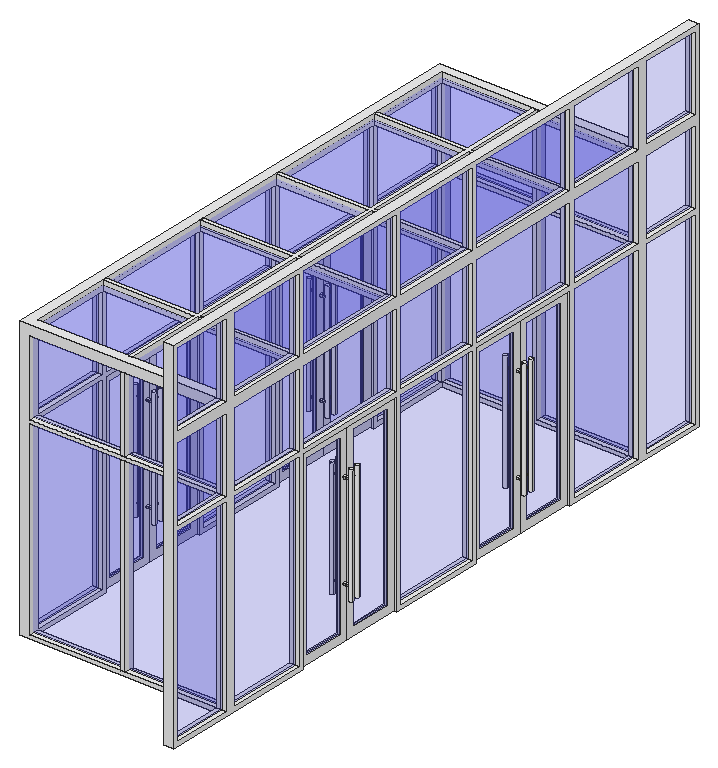
Revit family
Parameters (values of type "방풍실-1")
  핸들 = 상자 핸들
  프레임 = ""
  3프레임 = 상자 프레임
  모서리 = 상자 모서리
  철물 = ""
  Assembly Code = ""
  유리/마감 = ""
  유리 = 상자 유리
  위치/개소 = ""
  부호 = "1/AD"
  문번호 = "1"
  문기호 = "AD"
Reference planes
  plane 1 "중심(앞/뒤)": y = -200
  plane 2: z = 0
  plane 3 "중심(왼쪽/오른쪽)": x = 96.47
  plane 4: x = -1506.53
  plane 5: z = 5500
  plane 6: x = -1506.53
  plane 7: x = -1300.224
  plane 8: y = 3800
  plane 9: y = -4200.179
  plane 10: z = 60
  plane 11: z = 2940
  plane 12: z = 3000
  plane 13: z = 4145
  plane 14: z = 4295
  plane 15: z = 5440
  plane 16: z = 2020
  plane 17: z = 1960
  plane 18: y = 3650
  plane 19: x = -1403.377
  plane 20: x = -1328.377
  plane 21: x = -1478.377
  plane 22: x = -1390.877
  plane 23: x = -1415.877
  plane 24: y = -4052.948
  plane 25: y = 2350
  plane 26: y = 550
  plane 27: y = -2750
  plane 28: y = -950
  plane 29: x = 1699.47
  plane 30: x = 126.47
  plane 31: x = 66.47
  plane 32: y = 3725
  plane 33: y = 3737.5
  plane 34: y = 3712.5
  plane 35: z = 980
  plane 36: z = 1040
  plane 37: y = 4800
  plane 38: y = -5200
  plane 39: x = 1596.317
  plane 40: x = 1671.317
  plane 41: x = 1521.317
  plane 42: x = 1608.817
  plane 43: x = 1583.817
  plane 44: y = 4740
  plane 45: y = -4138.974
  plane 46: y = -4113.974
  plane 47: y = -4126.474
  plane 48: y = -4137.795
  plane 49: z = 5470
  plane 50: z = 4220
  plane 51: z = 2970
  plane 52: y = -892.421
  plane 53: z = 5800
  plane 54: y = 5100
  plane 55: y = -5500
  plane 56: z = -300
Forms (mm)
  Extrusion 1, solid, material "상자 프레임" <- "3프레임"
    sketch origin (0, -15, 0) x (1, 0, 0) y (0, 1, 0)
      loop
        line (-1478.377, 3665) -> (-1328.377, 3665) -> (-1328.377, 3815.295) -> (-1478.377, 3815.295) -> (-1478.377, 3665)
      loop
        line (-1478.377, 507.421) -> (-1328.377, 507.421) -> (-1328.377, 565) -> (-1478.377, 565) -> (-1478.377, 507.421)
      loop
        line (-1478.377, 2365) -> (-1328.377, 2365) -> (-1328.377, 2425) -> (-1478.377, 2425) -> (-1478.377, 2365)
    from 0 to 4145
  Extrusion 2, solid, material "상자 프레임" <- "3프레임"
    sketch origin (0, 0, 0) x (1, 0, 0) y (0, 1, 0)
      loop
        line (-1478.377, 3800.295) -> (-1478.377, 2350) -> (-1328.377, 2350) -> (-1328.377, 3800.295) -> (-1478.377, 3800.295)
      loop
        line (-1478.377, -892.421) -> (-1328.377, -892.421) -> (-1328.377, 550) -> (-1478.377, 550) -> (-1478.377, -892.421)
    from 0 to 60
  Extrusion 3, solid, material "상자 프레임" <- "3프레임"
    sketch origin (0, 0, 0) x (1, 0, 0) y (0, 1, 0)
      loop
        line (-1478.377, 3800) -> (-1478.377, -4052.948) -> (-1328.377, -4052.948) -> (-1328.377, 3800) -> (-1478.377, 3800)
    from 2940 to 3000
  Extrusion 4, solid, material "상자 프레임" <- "3프레임"
    sketch origin (0, 0, 0) x (1, 0, 0) y (0, 1, 0)
      loop
        line (-1478.377, 3800) -> (-1478.377, -4052.948) -> (-1328.377, -4052.948) -> (-1328.377, 3800) -> (-1478.377, 3800)
    from 4144.993 to 4295
  Extrusion 5, solid, material "상자 유리" <- "유리"
    sketch origin (0, 0, 0) x (1, 0, 0) y (0, 1, 0)
      loop
        line (-1415.877, 2410) -> (-1390.877, 2410) -> (-1390.877, 3650) -> (-1415.877, 3650) -> (-1415.877, 2410)
      loop
        line (-1415.877, -892.421) -> (-1390.877, -892.421) -> (-1390.877, 492.421) -> (-1415.877, 492.421) -> (-1415.877, -892.421)
    from 60 to 2940
  Extrusion 6, solid, material "상자 유리" <- "유리"
    sketch origin (0, -920, 0) x (1, 0, 0) y (0, 1, 0)
      loop
        line (-1415.877, 1470) -> (-1390.877, 1470) -> (-1390.877, 2370.145) -> (-1415.877, 2370.145) -> (-1415.877, 1470)
    from 0 to 2940
  Extrusion 7, solid, material "상자 유리" <- "유리"
    sketch origin (0, -49.855, 0) x (1, 0, 0) y (0, 1, 0)
      loop
        line (-1415.877, 1500) -> (-1390.877, 1500) -> (-1390.877, 2400.145) -> (-1415.877, 2400.145) -> (-1415.877, 1500)
    from 0 to 2940
  Extrusion 8, solid, material "상자 유리" <- "유리"
    sketch origin (0, 0, 0) x (1, 0, 0) y (0, 1, 0)
      loop
        line (-1415.877, 2410) -> (-1390.877, 2410) -> (-1390.877, 3650) -> (-1415.877, 3650) -> (-1415.877, 2410)
      loop
        line (-1415.877, 550) -> (-1390.877, 550) -> (-1390.877, 2350) -> (-1415.877, 2350) -> (-1415.877, 550)
      loop
        line (-1415.877, -892.421) -> (-1390.877, -892.421) -> (-1390.877, 492.421) -> (-1415.877, 492.421) -> (-1415.877, -892.421)
    from 3000 to 4145
  Extrusion 9, solid, material "상자 핸들" <- "핸들"
    sketch origin (-1328.377, 3825.814, 34.492) x (0, -1, 0) y (0, 0, -1)
      loop
        circle (2310.69, -760.508) r 15
    from -47.5 to 0
  Extrusion 10, solid, material "상자 핸들" <- "핸들"
    sketch origin (-1328.377, 3825.814, 1474.492) x (0, -1, 0) y (0, 0, -1)
      loop
        circle (2310.69, -760.508) r 15
    from -47.5 to 0
  Extrusion 11, solid, material "상자 핸들" <- "핸들"
    sketch origin (-1328.377, 3704.125, 34.492) x (0, -1, 0) y (0, 0, -1)
      loop
        circle (2310.69, -760.508) r 15
    from -47.5 to 0
  Extrusion 12, solid, material "상자 핸들" <- "핸들"
    sketch origin (-1328.377, 3704.125, 1474.492) x (0, -1, 0) y (0, 0, -1)
      loop
        circle (2310.69, -760.508) r 15
    from -47.5 to 0
  Sweep 13, solid, material "상자 모서리" <- "모서리"
    path origin (-1390.877, 1455, 0) x (0, 1, 0) y (0, 0, 1)
      loop
        line (-905, 0) -> (-4.855, 0) -> (-4.855, 2940) -> (-905, 2940) -> (-905, 0)
    profile origin (-1390.877, 550, 1470) x (0, -1, 0) y (1, 0, 0)
      loop
        line (0, 0) -> (0, 15) -> (-120, 15) -> (-120, 0) -> (0, 0)
  Sweep 14, solid, material "상자 모서리" <- "모서리"
    path origin (-1430.877, 550, 0) x (0, 1, 0) y (0, 0, 1)
      loop
        line (0, 0) -> (900.145, 0) -> (900.145, 2940) -> (0, 2940) -> (0, 0)
    profile origin (-1430.877, 550, 1470) x (0, -1, 0) y (1, 0, 0)
      loop
        line (0, 0) -> (0, 15) -> (-120, 15) -> (-120, 0) -> (0, 0)
  Sweep 15, solid, material "상자 모서리" <- "모서리"
    path origin (-1430.877, 1450.145, 0) x (0, 1, 0) y (0, 0, 1)
      loop
        line (0, 0) -> (900.145, 0) -> (900.145, 2940) -> (0, 2940) -> (0, 0)
    profile origin (-1430.877, 1450.145, 1470) x (0, -1, 0) y (1, 0, 0)
      loop
        line (0, 0) -> (0, 15) -> (-120, 15) -> (-120, 0) -> (0, 0)
  Sweep 16, solid, material "상자 모서리" <- "모서리"
    path origin (-1390.877, 1450.145, 0) x (0, 1, 0) y (0, 0, 1)
      loop
        line (0, 0) -> (900.145, 0) -> (900.145, 2940) -> (0, 2940) -> (0, 0)
    profile origin (-1390.877, 1450.145, 1470) x (0, -1, 0) y (1, 0, 0)
      loop
        line (0, 0) -> (0, 15) -> (-120, 15) -> (-120, 0) -> (0, 0)
  Blend 17, solid, material "상자 핸들" <- "핸들"
    base sketch origin (-1328.377, 3854.125, 0) x (0, -1, 0) y (0, 0, -1)
      loop
        circle (2339, -2235) r 15
    top sketch origin (-1328.377, 3854.125, 0) x (0, -1, 0) y (0, 0, -1)
      loop
        circle (2339, -2235) r 10
    from 0 to 40
  Blend 18, solid, material "상자 핸들" <- "핸들"
    base sketch origin (-1328.377, 3732.435, 0) x (0, -1, 0) y (0, 0, -1)
      loop
        circle (2339, -2235) r 15
    top sketch origin (-1328.377, 3732.435, 0) x (0, -1, 0) y (0, 0, -1)
      loop
        circle (2339, -2235) r 10
    from 0 to 40
  Blend 19, solid, material "상자 핸들" <- "핸들"
    base sketch origin (-1328.377, 3732.435, -1440) x (0, -1, 0) y (0, 0, -1)
      loop
        circle (2339, -2235) r 15
    top sketch origin (-1328.377, 3732.435, -1440) x (0, -1, 0) y (0, 0, -1)
      loop
        circle (2339, -2235) r 10
    from 0 to 40
  Blend 20, solid, material "상자 핸들" <- "핸들"
    base sketch origin (-1328.377, 3854.125, -1440) x (0, -1, 0) y (0, 0, -1)
      loop
        circle (2339, -2235) r 15
    top sketch origin (-1328.377, 3854.125, -1440) x (0, -1, 0) y (0, 0, -1)
      loop
        circle (2339, -2235) r 10
    from 0 to 40
  Extrusion 21, solid, material "상자 핸들" <- "핸들"
    sketch origin (0, 54.125, 0) x (1, 0, 0) y (0, 1, 0)
      loop
        circle (-1260.012, 1461) r 30
    from 600 to 2400
  Extrusion 22, solid, material "상자 핸들" <- "핸들"
    sketch origin (0, -67.51, 0) x (1, 0, 0) y (0, 1, 0)
      loop
        circle (-1260.012, 1461) r 30
    from 600 to 2400
  Extrusion 23, solid, material "상자 핸들" <- "핸들"
    sketch origin (-1478.377, 4825.814, 1474.492) x (0, -1, 0) y (0, 0, 1)
      loop
        circle (3310.69, 780.508) r 15
    from -47.5 to 0
  Extrusion 24, solid, material "상자 핸들" <- "핸들"
    sketch origin (-1478.377, 4704.125, 1474.492) x (0, -1, 0) y (0, 0, 1)
      loop
        circle (3310.69, 780.508) r 15
    from -47.5 to 0
  Blend 25, solid, material "상자 핸들" <- "핸들"
    base sketch origin (-1478.377, 4854.125, 0) x (0, -1, 0) y (0, 0, 1)
      loop
        circle (3339, 2255) r 15
    top sketch origin (-1478.377, 4854.125, 0) x (0, -1, 0) y (0, 0, 1)
      loop
        circle (3339, 2255) r 10
    from 0 to 40
  Blend 26, solid, material "상자 핸들" <- "핸들"
    base sketch origin (-1478.377, 4732.435, 0) x (0, -1, 0) y (0, 0, 1)
      loop
        circle (3339, 2255) r 15
    top sketch origin (-1478.377, 4732.435, 0) x (0, -1, 0) y (0, 0, 1)
      loop
        circle (3339, 2255) r 10
    from 0 to 40
  Extrusion 27, solid, material "상자 핸들" <- "핸들"
    sketch origin (-2806.754, 54.125, 0) x (-1, 0, 0) y (0, -1, 0)
      loop
        circle (-1260.012, -1461) r 30
    from 600 to 2400
  Extrusion 28, solid, material "상자 핸들" <- "핸들"
    sketch origin (-2806.754, -67.51, 0) x (-1, 0, 0) y (0, -1, 0)
      loop
        circle (-1260.012, -1461) r 30
    from 600 to 2400
  Extrusion 29, solid, material "상자 핸들" <- "핸들"
    sketch origin (-1478.377, 4825.814, 34.492) x (0, -1, 0) y (0, 0, 1)
      loop
        circle (3310.69, 760.508) r 15
    from -47.5 to 0
  Extrusion 30, solid, material "상자 핸들" <- "핸들"
    sketch origin (-1478.377, 4704.125, 34.492) x (0, -1, 0) y (0, 0, 1)
      loop
        circle (3310.69, 760.508) r 15
    from -47.5 to 0
  Blend 31, solid, material "상자 핸들" <- "핸들"
    base sketch origin (-1478.377, 4732.435, -1440) x (0, -1, 0) y (0, 0, 1)
      loop
        circle (3339, 2235) r 15
    top sketch origin (-1478.377, 4732.435, -1440) x (0, -1, 0) y (0, 0, 1)
      loop
        circle (3339, 2235) r 10
    from 0 to 40
  Blend 32, solid, material "상자 핸들" <- "핸들"
    base sketch origin (-1478.377, 4854.125, -1440) x (0, -1, 0) y (0, 0, 1)
      loop
        circle (3339, 2235) r 15
    top sketch origin (-1478.377, 4854.125, -1440) x (0, -1, 0) y (0, 0, 1)
      loop
        circle (3339, 2235) r 10
    from 0 to 40
  Extrusion 33, solid, material "상자 프레임" <- "3프레임"
    sketch origin (0, 15, 0) x (1, 0, 0) y (0, 1, 0)
      loop
        line (-1478.377, -4067.948) -> (-1478.377, -4215.474) -> (-1328.377, -4215.474) -> (-1328.377, -4067.948) -> (-1478.377, -4067.948)
      loop
        line (-1478.377, -2765) -> (-1478.377, -2825) -> (-1328.377, -2825) -> (-1328.377, -2765) -> (-1478.377, -2765)
      loop
        line (-1478.377, -907.421) -> (-1478.377, -965) -> (-1328.377, -965) -> (-1328.377, -907.421) -> (-1478.377, -907.421)
    from 0 to 4295
  Extrusion 34, solid, material "상자 프레임" <- "3프레임"
    sketch origin (0, 0, 0) x (1, 0, 0) y (0, 1, 0)
      loop
        line (-1478.377, -4200.474) -> (-1328.377, -4200.474) -> (-1328.377, -2810) -> (-1478.377, -2810) -> (-1478.377, -4200.474)
    from 0 to 60
  Extrusion 35, solid, material "상자 유리" <- "유리"
    sketch origin (0, 0, 0) x (1, 0, 0) y (0, 1, 0)
      loop
        line (-1415.877, -2810) -> (-1415.877, -4052.948) -> (-1390.877, -4052.948) -> (-1390.877, -2810) -> (-1415.877, -2810)
    from 60 to 2940
  Extrusion 36, solid, material "상자 유리" <- "유리"
    sketch origin (0, 520.295, 0) x (1, 0, 0) y (0, 1, 0)
      loop
        line (-1415.877, -1470) -> (-1415.877, -2370.145) -> (-1390.877, -2370.145) -> (-1390.877, -1470) -> (-1415.877, -1470)
    from 0 to 2940
  Extrusion 37, solid, material "상자 유리" <- "유리"
    sketch origin (0, -349.85, 0) x (1, 0, 0) y (0, 1, 0)
      loop
        line (-1415.877, -1500) -> (-1415.877, -2400.145) -> (-1390.877, -2400.145) -> (-1390.877, -1500) -> (-1415.877, -1500)
    from 0 to 2940
  Extrusion 38, solid, material "상자 유리" <- "유리"
    sketch origin (0, 0, 0) x (1, 0, 0) y (0, 1, 0)
      loop
        line (-1415.877, -2810) -> (-1415.877, -4052.948) -> (-1390.877, -4052.948) -> (-1390.877, -2810) -> (-1415.877, -2810)
      loop
        line (-1415.877, -949.705) -> (-1415.877, -2749.995) -> (-1390.877, -2749.995) -> (-1390.877, -949.705) -> (-1415.877, -949.705)
    from 3000 to 4145
  Extrusion 39, solid, material "상자 핸들" <- "핸들"
    sketch origin (-1328.377, -5221.69, -34.492) x (0, 1, 0) y (0, 0, 1)
      loop
        circle (3310.69, 829.492) r 15
    from -47.5 to 0
  Extrusion 40, solid, material "상자 핸들" <- "핸들"
    sketch origin (-1328.377, -5221.69, -1474.492) x (0, 1, 0) y (0, 0, 1)
      loop
        circle (3310.69, 3729.492) r 15
    from -47.5 to 0
  Extrusion 41, solid, material "상자 핸들" <- "핸들"
    sketch origin (-1328.377, -5100, -34.492) x (0, 1, 0) y (0, 0, 1)
      loop
        circle (3310.69, 829.492) r 15
    from -47.5 to 0
  Extrusion 42, solid, material "상자 핸들" <- "핸들"
    sketch origin (-1328.377, -5100, -1474.492) x (0, 1, 0) y (0, 0, 1)
      loop
        circle (3310.69, 3729.492) r 15
    from -47.5 to 0
  Sweep 43, solid, material "상자 모서리" <- "모서리"
    path origin (-1390.877, -399.41, 0) x (0, -1, 0) y (0, 0, -1)
      loop
        line (550.295, 0) -> (550.295, -2940) -> (1450.44, -2940) -> (1450.44, 0) -> (550.295, 0)
    profile origin (-1390.877, -949.705, 1470) x (0, -1, 0) y (1, 0, 0)
      loop
        line (0, 0) -> (120, 0) -> (120, 15) -> (0, 15) -> (0, 0)
  Sweep 44, solid, material "상자 모서리" <- "모서리"
    path origin (-1430.877, -949.705, 0) x (0, -1, 0) y (0, 0, -1)
      loop
        line (0, 0) -> (0, -2940) -> (900.145, -2940) -> (900.145, 0) -> (0, 0)
    profile origin (-1430.877, -949.705, 1470) x (0, -1, 0) y (1, 0, 0)
      loop
        line (0, 0) -> (120, 0) -> (120, 15) -> (0, 15) -> (0, 0)
  Sweep 45, solid, material "상자 모서리" <- "모서리"
    path origin (-1430.877, -1849.85, 0) x (0, -1, 0) y (0, 0, -1)
      loop
        line (0, 0) -> (0, -2940) -> (900.145, -2940) -> (900.145, 0) -> (0, 0)
    profile origin (-1430.877, -1849.85, 1470) x (0, -1, 0) y (1, 0, 0)
      loop
        line (0, 0) -> (120, 0) -> (120, 15) -> (0, 15) -> (0, 0)
  Sweep 46, solid, material "상자 모서리" <- "모서리"
    path origin (-1390.877, -1849.85, 0) x (0, -1, 0) y (0, 0, -1)
      loop
        line (0, 0) -> (0, -2940) -> (900.145, -2940) -> (900.145, 0) -> (0, 0)
    profile origin (-1390.877, -1849.85, 1470) x (0, -1, 0) y (1, 0, 0)
      loop
        line (0, 0) -> (120, 0) -> (120, 15) -> (0, 15) -> (0, 0)
  Blend 47, solid, material "상자 핸들" <- "핸들"
    base sketch origin (-1328.377, -5250, 0) x (0, 1, 0) y (0, 0, 1)
      loop
        circle (3339, 2255) r 15
    top sketch origin (-1328.377, -5250, 0) x (0, 1, 0) y (0, 0, 1)
      loop
        circle (3339, 2255) r 10
    from 0 to 40
  Blend 48, solid, material "상자 핸들" <- "핸들"
    base sketch origin (-1328.377, -5128.31, 0) x (0, 1, 0) y (0, 0, 1)
      loop
        circle (3339, 2255) r 15
    top sketch origin (-1328.377, -5128.31, 0) x (0, 1, 0) y (0, 0, 1)
      loop
        circle (3339, 2255) r 10
    from 0 to 40
  Blend 49, solid, material "상자 핸들" <- "핸들"
    base sketch origin (-1328.377, -5128.31, 1440) x (0, 1, 0) y (0, 0, 1)
      loop
        circle (3339, -645) r 15
    top sketch origin (-1328.377, -5128.31, 1440) x (0, 1, 0) y (0, 0, 1)
      loop
        circle (3339, -645) r 10
    from 0 to 40
  Blend 50, solid, material "상자 핸들" <- "핸들"
    base sketch origin (-1328.377, -5250, 1440) x (0, 1, 0) y (0, 0, 1)
      loop
        circle (3339, -645) r 15
    top sketch origin (-1328.377, -5250, 1440) x (0, 1, 0) y (0, 0, 1)
      loop
        circle (3339, -645) r 10
    from 0 to 40
  Extrusion 51, solid, material "상자 핸들" <- "핸들"
    sketch origin (0, -50, 0) x (1, 0, 0) y (0, 1, 0)
      loop
        circle (-1260.012, -1861) r 30
    from 600 to 2400
  Extrusion 52, solid, material "상자 핸들" <- "핸들"
    sketch origin (0, 71.634, 0) x (1, 0, 0) y (0, 1, 0)
      loop
        circle (-1260.012, -1861) r 30
    from 600 to 2400
  Extrusion 53, solid, material "상자 핸들" <- "핸들"
    sketch origin (-1478.377, -4821.69, 1474.492) x (0, 1, 0) y (0, 0, -1)
      loop
        circle (2910.69, -780.508) r 15
    from -47.5 to 0
  Extrusion 54, solid, material "상자 핸들" <- "핸들"
    sketch origin (-1478.377, -4700, 1474.492) x (0, 1, 0) y (0, 0, -1)
      loop
        circle (2910.69, -780.508) r 15
    from -47.5 to 0
  Blend 55, solid, material "상자 핸들" <- "핸들"
    base sketch origin (-1478.377, -4850, 0) x (0, 1, 0) y (0, 0, -1)
      loop
        circle (2939, -2255) r 15
    top sketch origin (-1478.377, -4850, 0) x (0, 1, 0) y (0, 0, -1)
      loop
        circle (2939, -2255) r 10
    from 0 to 40
  Blend 56, solid, material "상자 핸들" <- "핸들"
    base sketch origin (-1478.377, -4728.31, 0) x (0, 1, 0) y (0, 0, -1)
      loop
        circle (2939, -2255) r 15
    top sketch origin (-1478.377, -4728.31, 0) x (0, 1, 0) y (0, 0, -1)
      loop
        circle (2939, -2255) r 10
    from 0 to 40
  Extrusion 57, solid, material "상자 핸들" <- "핸들"
    sketch origin (-2806.754, -50, 0) x (-1, 0, 0) y (0, -1, 0)
      loop
        circle (-1260.012, 1861) r 30
    from 600 to 2400
  Extrusion 58, solid, material "상자 핸들" <- "핸들"
    sketch origin (-2806.754, 71.634, 0) x (-1, 0, 0) y (0, -1, 0)
      loop
        circle (-1260.012, 1861) r 30
    from 600 to 2400
  Extrusion 59, solid, material "상자 핸들" <- "핸들"
    sketch origin (-1478.377, -4821.69, 34.492) x (0, 1, 0) y (0, 0, -1)
      loop
        circle (2910.69, -760.508) r 15
    from -47.5 to 0
  Extrusion 60, solid, material "상자 핸들" <- "핸들"
    sketch origin (-1478.377, -4700, 34.492) x (0, 1, 0) y (0, 0, -1)
      loop
        circle (2910.69, -760.508) r 15
    from -47.5 to 0
  Blend 61, solid, material "상자 핸들" <- "핸들"
    base sketch origin (-1478.377, -4728.31, -1440) x (0, 1, 0) y (0, 0, -1)
      loop
        circle (2939, -2235) r 15
    top sketch origin (-1478.377, -4728.31, -1440) x (0, 1, 0) y (0, 0, -1)
      loop
        circle (2939, -2235) r 10
    from 0 to 40
  Blend 62, solid, material "상자 핸들" <- "핸들"
    base sketch origin (-1478.377, -4850, -1440) x (0, 1, 0) y (0, 0, -1)
      loop
        circle (2939, -2235) r 15
    top sketch origin (-1478.377, -4850, -1440) x (0, 1, 0) y (0, 0, -1)
      loop
        circle (2939, -2235) r 10
    from 0 to 40
  Extrusion 63, solid, material "상자 프레임" <- "3프레임"
    sketch origin (192.94, -15, 0) x (-1, 0, 0) y (0, -1, 0)
      loop
        line (-1478.377, -3665) -> (-1478.377, -3815.295) -> (-1328.377, -3815.295) -> (-1328.377, -3665) -> (-1478.377, -3665)
      loop
        line (-1478.377, -507.421) -> (-1478.377, -565) -> (-1328.377, -565) -> (-1328.377, -507.421) -> (-1478.377, -507.421)
      loop
        line (-1478.377, -2365) -> (-1478.377, -2425) -> (-1328.377, -2425) -> (-1328.377, -2365) -> (-1478.377, -2365)
    from 0 to 5440
  Extrusion 64, solid, material "상자 프레임" <- "3프레임"
    sketch origin (192.94, 0, 0) x (-1, 0, 0) y (0, -1, 0)
      loop
        line (-1478.377, -3800.295) -> (-1328.377, -3800.295) -> (-1328.377, -2350) -> (-1478.377, -2350) -> (-1478.377, -3800.295)
      loop
        line (-1478.377, 892.421) -> (-1478.377, -550) -> (-1328.377, -550) -> (-1328.377, 892.421) -> (-1478.377, 892.421)
    from 0 to 60
  Extrusion 65, solid, material "상자 프레임" <- "3프레임"
    sketch origin (192.94, 0, 0) x (-1, 0, 0) y (0, -1, 0)
      loop
        line (-1478.377, -3800) -> (-1328.377, -3800) -> (-1328.377, 4052.948) -> (-1478.377, 4052.948) -> (-1478.377, -3800)
    from 2940 to 3000
  Extrusion 66, solid, material "상자 프레임" <- "3프레임"
    sketch origin (192.94, 0, 0) x (-1, 0, 0) y (0, -1, 0)
      loop
        line (-1478.377, -3800) -> (-1328.377, -3800) -> (-1328.377, 4052.948) -> (-1478.377, 4052.948) -> (-1478.377, -3800)
    from 4145 to 4295
  Extrusion 67, solid, material "상자 프레임" <- "3프레임"
    sketch origin (192.94, 0, 0) x (-1, 0, 0) y (0, -1, 0)
      loop
        line (-1478.377, -3800) -> (-1328.377, -3800) -> (-1328.377, 4052.948) -> (-1478.377, 4052.948) -> (-1478.377, -3800)
    from 5440 to 5500
  Extrusion 68, solid, material "상자 유리" <- "유리"
    sketch origin (192.94, 0, 0) x (-1, 0, 0) y (0, -1, 0)
      loop
        line (-1415.877, -2410) -> (-1415.877, -3650) -> (-1390.877, -3650) -> (-1390.877, -2410) -> (-1415.877, -2410)
      loop
        line (-1415.877, 892.421) -> (-1415.877, -492.421) -> (-1390.877, -492.421) -> (-1390.877, 892.421) -> (-1415.877, 892.421)
    from 60 to 2940
  Extrusion 69, solid, material "상자 유리" <- "유리"
    sketch origin (192.94, -920, 0) x (-1, 0, 0) y (0, -1, 0)
      loop
        line (-1415.877, -1470) -> (-1415.877, -2370.145) -> (-1390.877, -2370.145) -> (-1390.877, -1470) -> (-1415.877, -1470)
    from 0 to 2940
  Extrusion 70, solid, material "상자 유리" <- "유리"
    sketch origin (192.94, -49.855, 0) x (-1, 0, 0) y (0, -1, 0)
      loop
        line (-1415.877, -1500) -> (-1415.877, -2400.145) -> (-1390.877, -2400.145) -> (-1390.877, -1500) -> (-1415.877, -1500)
    from 0 to 2940
  Extrusion 71, solid, material "상자 유리" <- "유리"
    sketch origin (192.94, 0, 0) x (-1, 0, 0) y (0, -1, 0)
      loop
        line (-1415.877, -2410) -> (-1415.877, -3650) -> (-1390.877, -3650) -> (-1390.877, -2410) -> (-1415.877, -2410)
      loop
        line (-1415.877, -550) -> (-1415.877, -2350) -> (-1390.877, -2350) -> (-1390.877, -550) -> (-1415.877, -550)
      loop
        line (-1415.877, 892.421) -> (-1415.877, -492.421) -> (-1390.877, -492.421) -> (-1390.877, 892.421) -> (-1415.877, 892.421)
    from 3000 to 4145
  Extrusion 72, solid, material "상자 유리" <- "유리"
    sketch origin (192.94, 0, 0) x (-1, 0, 0) y (0, -1, 0)
      loop
        line (-1415.877, -2410) -> (-1415.877, -3650) -> (-1390.877, -3650) -> (-1390.877, -2410) -> (-1415.877, -2410)
      loop
        line (-1415.877, -550) -> (-1415.877, -2350) -> (-1390.877, -2350) -> (-1390.877, -550) -> (-1415.877, -550)
      loop
        line (-1415.877, 892.421) -> (-1415.877, -492.421) -> (-1390.877, -492.421) -> (-1390.877, 892.421) -> (-1415.877, 892.421)
    from 4295 to 5440
  Extrusion 73, solid, material "상자 핸들" <- "핸들"
    sketch origin (1521.317, 3825.814, -34.492) x (0, -1, 0) y (0, 0, 1)
      loop
        circle (2310.69, 829.492) r 15
    from -47.5 to 0
  Extrusion 74, solid, material "상자 핸들" <- "핸들"
    sketch origin (1521.317, 3825.814, -1474.492) x (0, -1, 0) y (0, 0, 1)
      loop
        circle (2310.69, 3709.492) r 15
    from -47.5 to 0
  Extrusion 75, solid, material "상자 핸들" <- "핸들"
    sketch origin (1521.317, 3704.125, -34.492) x (0, -1, 0) y (0, 0, 1)
      loop
        circle (2310.69, 829.492) r 15
    from -47.5 to 0
  Extrusion 76, solid, material "상자 핸들" <- "핸들"
    sketch origin (1521.317, 3704.125, -1474.492) x (0, -1, 0) y (0, 0, 1)
      loop
        circle (2310.69, 3709.492) r 15
    from -47.5 to 0
  Sweep 77, solid, material "상자 모서리" <- "모서리"
    path origin (1583.817, 1455, 0) x (0, 1, 0) y (0, 0, -1)
      loop
        line (-905, 0) -> (-905, -2940) -> (-4.855, -2940) -> (-4.855, 0) -> (-905, 0)
    profile origin (1583.817, 550, 1470) x (0, 1, 0) y (-1, 0, 0)
      loop
        line (0, 0) -> (120, 0) -> (120, 15) -> (0, 15) -> (0, 0)
  Sweep 78, solid, material "상자 모서리" <- "모서리"
    path origin (1623.817, 550, 0) x (0, 1, 0) y (0, 0, -1)
      loop
        line (0, 0) -> (0, -2940) -> (900.145, -2940) -> (900.145, 0) -> (0, 0)
    profile origin (1623.817, 550, 1470) x (0, 1, 0) y (-1, 0, 0)
      loop
        line (0, 0) -> (120, 0) -> (120, 15) -> (0, 15) -> (0, 0)
  Sweep 79, solid, material "상자 모서리" <- "모서리"
    path origin (1623.817, 1450.145, 0) x (0, 1, 0) y (0, 0, -1)
      loop
        line (0, 0) -> (0, -2940) -> (900.145, -2940) -> (900.145, 0) -> (0, 0)
    profile origin (1623.817, 1450.145, 1470) x (0, 1, 0) y (-1, 0, 0)
      loop
        line (0, 0) -> (120, 0) -> (120, 15) -> (0, 15) -> (0, 0)
  Sweep 80, solid, material "상자 모서리" <- "모서리"
    path origin (1583.817, 1450.145, 0) x (0, 1, 0) y (0, 0, -1)
      loop
        line (0, 0) -> (0, -2940) -> (900.145, -2940) -> (900.145, 0) -> (0, 0)
    profile origin (1583.817, 1450.145, 1470) x (0, 1, 0) y (-1, 0, 0)
      loop
        line (0, 0) -> (120, 0) -> (120, 15) -> (0, 15) -> (0, 0)
  Blend 81, solid, material "상자 핸들" <- "핸들"
    base sketch origin (1521.317, 3854.125, 0) x (0, -1, 0) y (0, 0, 1)
      loop
        circle (2339, 2235) r 15
    top sketch origin (1521.317, 3854.125, 0) x (0, -1, 0) y (0, 0, 1)
      loop
        circle (2339, 2235) r 10
    from 0 to 40
  Blend 82, solid, material "상자 핸들" <- "핸들"
    base sketch origin (1521.317, 3732.435, 0) x (0, -1, 0) y (0, 0, 1)
      loop
        circle (2339, 2235) r 15
    top sketch origin (1521.317, 3732.435, 0) x (0, -1, 0) y (0, 0, 1)
      loop
        circle (2339, 2235) r 10
    from 0 to 40
  Blend 83, solid, material "상자 핸들" <- "핸들"
    base sketch origin (1521.317, 3732.435, 1440) x (0, -1, 0) y (0, 0, 1)
      loop
        circle (2339, -645) r 15
    top sketch origin (1521.317, 3732.435, 1440) x (0, -1, 0) y (0, 0, 1)
      loop
        circle (2339, -645) r 10
    from 0 to 40
  Blend 84, solid, material "상자 핸들" <- "핸들"
    base sketch origin (1521.317, 3854.125, 1440) x (0, -1, 0) y (0, 0, 1)
      loop
        circle (2339, -645) r 15
    top sketch origin (1521.317, 3854.125, 1440) x (0, -1, 0) y (0, 0, 1)
      loop
        circle (2339, -645) r 10
    from 0 to 40
  Extrusion 85, solid, material "상자 핸들" <- "핸들"
    sketch origin (192.94, 54.125, 0) x (-1, 0, 0) y (0, -1, 0)
      loop
        circle (-1260.012, -1461) r 30
    from 600 to 2400
  Extrusion 86, solid, material "상자 핸들" <- "핸들"
    sketch origin (192.94, -67.51, 0) x (-1, 0, 0) y (0, -1, 0)
      loop
        circle (-1260.012, -1461) r 30
    from 600 to 2400
  Extrusion 87, solid, material "상자 핸들" <- "핸들"
    sketch origin (1671.317, 4825.814, 1474.492) x (0, -1, 0) y (0, 0, -1)
      loop
        circle (3310.69, -780.508) r 15
    from -47.5 to 0
  Extrusion 88, solid, material "상자 핸들" <- "핸들"
    sketch origin (1671.317, 4704.125, 1474.492) x (0, -1, 0) y (0, 0, -1)
      loop
        circle (3310.69, -780.508) r 15
    from -47.5 to 0
  Blend 89, solid, material "상자 핸들" <- "핸들"
    base sketch origin (1671.317, 4854.125, 0) x (0, -1, 0) y (0, 0, -1)
      loop
        circle (3339, -2255) r 15
    top sketch origin (1671.317, 4854.125, 0) x (0, -1, 0) y (0, 0, -1)
      loop
        circle (3339, -2255) r 10
    from 0 to 40
  Blend 90, solid, material "상자 핸들" <- "핸들"
    base sketch origin (1671.317, 4732.435, 0) x (0, -1, 0) y (0, 0, -1)
      loop
        circle (3339, -2255) r 15
    top sketch origin (1671.317, 4732.435, 0) x (0, -1, 0) y (0, 0, -1)
      loop
        circle (3339, -2255) r 10
    from 0 to 40
  Extrusion 91, solid, material "상자 핸들" <- "핸들"
    sketch origin (2999.694, 54.125, 0) x (1, 0, 0) y (0, 1, 0)
      loop
        circle (-1260.012, 1461) r 30
    from 600 to 2400
  Extrusion 92, solid, material "상자 핸들" <- "핸들"
    sketch origin (2999.694, -67.51, 0) x (1, 0, 0) y (0, 1, 0)
      loop
        circle (-1260.012, 1461) r 30
    from 600 to 2400
  Extrusion 93, solid, material "상자 핸들" <- "핸들"
    sketch origin (1671.317, 4825.814, 34.492) x (0, -1, 0) y (0, 0, -1)
      loop
        circle (3310.69, -760.508) r 15
    from -47.5 to 0
  Extrusion 94, solid, material "상자 핸들" <- "핸들"
    sketch origin (1671.317, 4704.125, 34.492) x (0, -1, 0) y (0, 0, -1)
      loop
        circle (3310.69, -760.508) r 15
    from -47.5 to 0
  Blend 95, solid, material "상자 핸들" <- "핸들"
    base sketch origin (1671.317, 4732.435, -1440) x (0, -1, 0) y (0, 0, -1)
      loop
        circle (3339, -2235) r 15
    top sketch origin (1671.317, 4732.435, -1440) x (0, -1, 0) y (0, 0, -1)
      loop
        circle (3339, -2235) r 10
    from 0 to 40
  Blend 96, solid, material "상자 핸들" <- "핸들"
    base sketch origin (1671.317, 4854.125, -1440) x (0, -1, 0) y (0, 0, -1)
      loop
        circle (3339, -2235) r 15
    top sketch origin (1671.317, 4854.125, -1440) x (0, -1, 0) y (0, 0, -1)
      loop
        circle (3339, -2235) r 10
    from 0 to 40
  Extrusion 97, solid, material "상자 프레임" <- "3프레임"
    sketch origin (192.94, 15, 0) x (-1, 0, 0) y (0, -1, 0)
      loop
        line (-1478.377, 4067.948) -> (-1328.377, 4067.948) -> (-1328.377, 4215.474) -> (-1478.377, 4215.474) -> (-1478.377, 4067.948)
      loop
        line (-1478.377, 2765) -> (-1328.377, 2765) -> (-1328.377, 2825) -> (-1478.377, 2825) -> (-1478.377, 2765)
      loop
        line (-1478.377, 907.421) -> (-1328.377, 907.421) -> (-1328.377, 965) -> (-1478.377, 965) -> (-1478.377, 907.421)
    from 0 to 5500
  Extrusion 98, solid, material "상자 프레임" <- "3프레임"
    sketch origin (192.94, 0, 0) x (-1, 0, 0) y (0, -1, 0)
      loop
        line (-1478.377, 4200.474) -> (-1478.377, 2810) -> (-1328.377, 2810) -> (-1328.377, 4200.474) -> (-1478.377, 4200.474)
    from 0 to 60
  Extrusion 99, solid, material "상자 유리" <- "유리"
    sketch origin (192.94, 0, 0) x (-1, 0, 0) y (0, -1, 0)
      loop
        line (-1415.877, 2810) -> (-1390.877, 2810) -> (-1390.877, 4052.948) -> (-1415.877, 4052.948) -> (-1415.877, 2810)
    from 60 to 2940
  Extrusion 100, solid, material "상자 유리" <- "유리"
    sketch origin (192.94, 520.295, 0) x (-1, 0, 0) y (0, -1, 0)
      loop
        line (-1415.877, 1470) -> (-1390.877, 1470) -> (-1390.877, 2370.145) -> (-1415.877, 2370.145) -> (-1415.877, 1470)
    from 0 to 2940
  Extrusion 101, solid, material "상자 유리" <- "유리"
    sketch origin (192.94, -349.85, 0) x (-1, 0, 0) y (0, -1, 0)
      loop
        line (-1415.877, 1500) -> (-1390.877, 1500) -> (-1390.877, 2400.145) -> (-1415.877, 2400.145) -> (-1415.877, 1500)
    from 0 to 2940
  Extrusion 102, solid, material "상자 유리" <- "유리"
    sketch origin (192.94, 0, 0) x (-1, 0, 0) y (0, -1, 0)
      loop
        line (-1415.877, 2810) -> (-1390.877, 2810) -> (-1390.877, 4052.948) -> (-1415.877, 4052.948) -> (-1415.877, 2810)
      loop
        line (-1415.877, 949.705) -> (-1390.877, 949.705) -> (-1390.877, 2749.995) -> (-1415.877, 2749.995) -> (-1415.877, 949.705)
    from 3000 to 4145
  Extrusion 103, solid, material "상자 유리" <- "유리"
    sketch origin (192.94, 0, 0) x (-1, 0, 0) y (0, -1, 0)
      loop
        line (-1415.877, 2810) -> (-1390.877, 2810) -> (-1390.877, 4052.948) -> (-1415.877, 4052.948) -> (-1415.877, 2810)
      loop
        line (-1415.877, 949.705) -> (-1390.877, 949.705) -> (-1390.877, 2749.995) -> (-1415.877, 2749.995) -> (-1415.877, 949.705)
    from 4295 to 5440
  Extrusion 104, solid, material "상자 핸들" <- "핸들"
    sketch origin (1521.317, -5221.69, -34.492) x (0, 1, 0) y (0, 0, -1)
      loop
        circle (3310.69, -829.492) r 15
    from -47.5 to 0
  Extrusion 105, solid, material "상자 핸들" <- "핸들"
    sketch origin (1521.317, -5221.69, -1474.492) x (0, 1, 0) y (0, 0, -1)
      loop
        circle (3310.69, -3729.492) r 15
    from -47.5 to 0
  Extrusion 106, solid, material "상자 핸들" <- "핸들"
    sketch origin (1521.317, -5100, -34.492) x (0, 1, 0) y (0, 0, -1)
      loop
        circle (3310.69, -829.492) r 15
    from -47.5 to 0
  Extrusion 107, solid, material "상자 핸들" <- "핸들"
    sketch origin (1521.317, -5100, -1474.492) x (0, 1, 0) y (0, 0, -1)
      loop
        circle (3310.69, -3729.492) r 15
    from -47.5 to 0
  Sweep 108, solid, material "상자 모서리" <- "모서리"
    path origin (1583.817, -399.41, 0) x (0, -1, 0) y (0, 0, 1)
      loop
        line (550.295, 0) -> (1450.44, 0) -> (1450.44, 2940) -> (550.295, 2940) -> (550.295, 0)
    profile origin (1583.817, -949.705, 1470) x (0, 1, 0) y (-1, 0, 0)
      loop
        line (0, 0) -> (0, 15) -> (-120, 15) -> (-120, 0) -> (0, 0)
  Sweep 109, solid, material "상자 모서리" <- "모서리"
    path origin (1623.817, -949.705, 0) x (0, -1, 0) y (0, 0, 1)
      loop
        line (0, 0) -> (900.145, 0) -> (900.145, 2940) -> (0, 2940) -> (0, 0)
    profile origin (1623.817, -949.705, 1470) x (0, 1, 0) y (-1, 0, 0)
      loop
        line (0, 0) -> (0, 15) -> (-120, 15) -> (-120, 0) -> (0, 0)
  Sweep 110, solid, material "상자 모서리" <- "모서리"
    path origin (1623.817, -1849.85, 0) x (0, -1, 0) y (0, 0, 1)
      loop
        line (0, 0) -> (900.145, 0) -> (900.145, 2940) -> (0, 2940) -> (0, 0)
    profile origin (1623.817, -1849.85, 1470) x (0, 1, 0) y (-1, 0, 0)
      loop
        line (0, 0) -> (0, 15) -> (-120, 15) -> (-120, 0) -> (0, 0)
  Sweep 111, solid, material "상자 모서리" <- "모서리"
    path origin (1583.817, -1849.85, 0) x (0, -1, 0) y (0, 0, 1)
      loop
        line (0, 0) -> (900.145, 0) -> (900.145, 2940) -> (0, 2940) -> (0, 0)
    profile origin (1583.817, -1849.85, 1470) x (0, 1, 0) y (-1, 0, 0)
      loop
        line (0, 0) -> (0, 15) -> (-120, 15) -> (-120, 0) -> (0, 0)
  Blend 112, solid, material "상자 핸들" <- "핸들"
    base sketch origin (1521.317, -5250, 0) x (0, 1, 0) y (0, 0, -1)
      loop
        circle (3339, -2255) r 15
    top sketch origin (1521.317, -5250, 0) x (0, 1, 0) y (0, 0, -1)
      loop
        circle (3339, -2255) r 10
    from 0 to 40
  Blend 113, solid, material "상자 핸들" <- "핸들"
    base sketch origin (1521.317, -5128.31, 0) x (0, 1, 0) y (0, 0, -1)
      loop
        circle (3339, -2255) r 15
    top sketch origin (1521.317, -5128.31, 0) x (0, 1, 0) y (0, 0, -1)
      loop
        circle (3339, -2255) r 10
    from 0 to 40
  Blend 114, solid, material "상자 핸들" <- "핸들"
    base sketch origin (1521.317, -5128.31, 1440) x (0, 1, 0) y (0, 0, -1)
      loop
        circle (3339, 645) r 15
    top sketch origin (1521.317, -5128.31, 1440) x (0, 1, 0) y (0, 0, -1)
      loop
        circle (3339, 645) r 10
    from 0 to 40
  Blend 115, solid, material "상자 핸들" <- "핸들"
    base sketch origin (1521.317, -5250, 1440) x (0, 1, 0) y (0, 0, -1)
      loop
        circle (3339, 645) r 15
    top sketch origin (1521.317, -5250, 1440) x (0, 1, 0) y (0, 0, -1)
      loop
        circle (3339, 645) r 10
    from 0 to 40
  Extrusion 116, solid, material "상자 핸들" <- "핸들"
    sketch origin (192.94, -50, 0) x (-1, 0, 0) y (0, -1, 0)
      loop
        circle (-1260.012, 1861) r 30
    from 600 to 2400
  Extrusion 117, solid, material "상자 핸들" <- "핸들"
    sketch origin (192.94, 71.634, 0) x (-1, 0, 0) y (0, -1, 0)
      loop
        circle (-1260.012, 1861) r 30
    from 600 to 2400
  Extrusion 118, solid, material "상자 핸들" <- "핸들"
    sketch origin (1671.317, -4821.69, 1474.492) x (0, 1, 0) y (0, 0, 1)
      loop
        circle (2910.69, 780.508) r 15
    from -47.5 to 0
  Extrusion 119, solid, material "상자 핸들" <- "핸들"
    sketch origin (1671.317, -4700, 1474.492) x (0, 1, 0) y (0, 0, 1)
      loop
        circle (2910.69, 780.508) r 15
    from -47.5 to 0
  Blend 120, solid, material "상자 핸들" <- "핸들"
    base sketch origin (1671.317, -4850, 0) x (0, 1, 0) y (0, 0, 1)
      loop
        circle (2939, 2255) r 15
    top sketch origin (1671.317, -4850, 0) x (0, 1, 0) y (0, 0, 1)
      loop
        circle (2939, 2255) r 10
    from 0 to 40
  Blend 121, solid, material "상자 핸들" <- "핸들"
    base sketch origin (1671.317, -4728.31, 0) x (0, 1, 0) y (0, 0, 1)
      loop
        circle (2939, 2255) r 15
    top sketch origin (1671.317, -4728.31, 0) x (0, 1, 0) y (0, 0, 1)
      loop
        circle (2939, 2255) r 10
    from 0 to 40
  Extrusion 122, solid, material "상자 핸들" <- "핸들"
    sketch origin (2999.694, -50, 0) x (1, 0, 0) y (0, 1, 0)
      loop
        circle (-1260.012, -1861) r 30
    from 600 to 2400
  Extrusion 123, solid, material "상자 핸들" <- "핸들"
    sketch origin (2999.694, 71.634, 0) x (1, 0, 0) y (0, 1, 0)
      loop
        circle (-1260.012, -1861) r 30
    from 600 to 2400
  Extrusion 124, solid, material "상자 핸들" <- "핸들"
    sketch origin (1671.317, -4821.69, 34.492) x (0, 1, 0) y (0, 0, 1)
      loop
        circle (2910.69, 760.508) r 15
    from -47.5 to 0
  Extrusion 125, solid, material "상자 핸들" <- "핸들"
    sketch origin (1671.317, -4700, 34.492) x (0, 1, 0) y (0, 0, 1)
      loop
        circle (2910.69, 760.508) r 15
    from -47.5 to 0
  Blend 126, solid, material "상자 핸들" <- "핸들"
    base sketch origin (1671.317, -4728.31, -1440) x (0, 1, 0) y (0, 0, 1)
      loop
        circle (2939, 2235) r 15
    top sketch origin (1671.317, -4728.31, -1440) x (0, 1, 0) y (0, 0, 1)
      loop
        circle (2939, 2235) r 10
    from 0 to 40
  Blend 127, solid, material "상자 핸들" <- "핸들"
    base sketch origin (1671.317, -4850, -1440) x (0, 1, 0) y (0, 0, 1)
      loop
        circle (2939, 2235) r 15
    top sketch origin (1671.317, -4850, -1440) x (0, 1, 0) y (0, 0, 1)
      loop
        circle (2939, 2235) r 10
    from 0 to 40
  Extrusion 128, solid, material "상자 프레임" <- "3프레임"
    sketch origin (0, 0, 0) x (1, 0, 0) y (0, 1, 0)
      loop
        line (-1328.377, 3650) -> (1521.317, 3650) -> (1521.317, 3800) -> (-1328.377, 3800) -> (-1328.377, 3650)
    from 0 to 60
  Extrusion 129, solid, material "상자 프레임" <- "3프레임"
    sketch origin (0, 0, 0) x (1, 0, 0) y (0, 1, 0)
      loop
        line (-1328.377, 3650) -> (1521.317, 3650) -> (1521.317, 3800) -> (-1328.377, 3800) -> (-1328.377, 3650)
    from 2940 to 3000
  Extrusion 130, solid, material "상자 프레임" <- "3프레임"
    sketch origin (0, 0, 0) x (1, 0, 0) y (0, 1, 0)
      loop
        line (-1328.377, 3650) -> (1521.317, 3650) -> (1521.317, 3800) -> (-1328.377, 3800) -> (-1328.377, 3650)
    from 4145 to 4295
  Extrusion 131, solid, material "상자 프레임" <- "3프레임"
    sketch origin (0, 0, 0) x (1, 0, 0) y (0, 1, 0)
      loop
        line (66.47, 3800) -> (66.47, 3650) -> (126.47, 3650) -> (126.47, 3800) -> (66.47, 3800)
    from 0 to 4220
  Extrusion 132, solid, material "상자 유리" <- "유리"
    sketch origin (0, 0, 0) x (1, 0, 0) y (0, 1, 0)
      loop
        line (-1328.377, 3712.5) -> (66.47, 3712.5) -> (66.47, 3737.5) -> (-1328.377, 3737.5) -> (-1328.377, 3712.5)
      loop
        line (126.47, 3712.5) -> (1521.317, 3712.5) -> (1521.317, 3737.5) -> (126.47, 3737.5) -> (126.47, 3712.5)
    from 60 to 2940
  Extrusion 133, solid, material "상자 유리" <- "유리"
    sketch origin (0, 0, 0) x (1, 0, 0) y (0, 1, 0)
      loop
        line (-1328.377, 3712.5) -> (66.47, 3712.5) -> (66.47, 3737.5) -> (-1328.377, 3737.5) -> (-1328.377, 3712.5)
      loop
        line (126.47, 3712.5) -> (1521.317, 3712.5) -> (1521.317, 3737.5) -> (126.47, 3737.5) -> (126.47, 3712.5)
    from 3000 to 4145
  Extrusion 134, solid, material "상자 프레임" <- "3프레임"
    sketch origin (0, -7850.295, 0) x (1, 0, 0) y (0, 1, 0)
      loop
        line (-1328.377, 3649.821) -> (1521.317, 3649.821) -> (1521.317, 3797.052) -> (-1328.377, 3797.052) -> (-1328.377, 3649.821)
    from 0 to 60
  Extrusion 135, solid, material "상자 프레임" <- "3프레임"
    sketch origin (0, -7850.295, 0) x (1, 0, 0) y (0, 1, 0)
      loop
        line (-1328.377, 3649.821) -> (1521.317, 3649.821) -> (1521.317, 3797.052) -> (-1328.377, 3797.052) -> (-1328.377, 3649.821)
    from 2940 to 3000
  Extrusion 136, solid, material "상자 프레임" <- "3프레임"
    sketch origin (0, -7850.295, 0) x (1, 0, 0) y (0, 1, 0)
      loop
        line (-1328.377, 3649.821) -> (1521.317, 3649.821) -> (1521.317, 3797.052) -> (-1328.377, 3797.052) -> (-1328.377, 3649.821)
    from 4145 to 4295
  Extrusion 137, solid, material "상자 유리" <- "유리"
    sketch origin (0, -7850.295, 0) x (1, 0, 0) y (0, 1, 0)
      loop
        line (-1328.377, 3712.321) -> (66.47, 3712.321) -> (66.47, 3737.321) -> (-1328.377, 3737.321) -> (-1328.377, 3712.321)
      loop
        line (126.47, 3711.321) -> (1521.317, 3711.321) -> (1521.317, 3736.321) -> (126.47, 3736.321) -> (126.47, 3711.321)
    from 60 to 2940
  Extrusion 138, solid, material "상자 유리" <- "유리"
    sketch origin (0, -7850.295, 0) x (1, 0, 0) y (0, 1, 0)
      loop
        line (-1328.377, 3712.321) -> (66.47, 3712.321) -> (66.47, 3737.321) -> (-1328.377, 3737.321) -> (-1328.377, 3712.321)
      loop
        line (126.47, 3712.321) -> (1521.317, 3712.321) -> (1521.317, 3737.321) -> (126.47, 3737.321) -> (126.47, 3712.321)
    from 3000 to 4145
  Extrusion 139, solid, material "상자 프레임" <- "3프레임"
    sketch origin (0, -7850, 0) x (1, 0, 0) y (0, 1, 0)
      loop
        line (66.47, 3797.052) -> (66.47, 3649.821) -> (126.47, 3649.821) -> (126.47, 3797.052) -> (66.47, 3797.052)
    from 0 to 4220
  Extrusion 140, solid, material "상자 프레임" <- "3프레임"
    sketch origin (0, 0, 0) x (1, 0, 0) y (0, 1, 0)
      loop
        line (1521.317, 4800) -> (1521.317, 3800.295) -> (1671.317, 3800.295) -> (1671.317, 4800) -> (1521.317, 4800)
    from 0 to 60
  Extrusion 141, solid, material "상자 프레임" <- "3프레임"
    sketch origin (0, 0, 0) x (1, 0, 0) y (0, 1, 0)
      loop
        line (1521.317, 4800) -> (1521.317, 3800.295) -> (1671.317, 3800.295) -> (1671.317, 4800) -> (1521.317, 4800)
    from 2940 to 3000
  Extrusion 142, solid, material "상자 프레임" <- "3프레임"
    sketch origin (0, 0, 0) x (1, 0, 0) y (0, 1, 0)
      loop
        line (1521.317, 4800) -> (1521.317, 3800.295) -> (1671.317, 3800.295) -> (1671.317, 4800) -> (1521.317, 4800)
    from 4145 to 4295
  Extrusion 143, solid, material "상자 프레임" <- "3프레임"
    sketch origin (0, 0, 0) x (1, 0, 0) y (0, 1, 0)
      loop
        line (1671.317, 4800) -> (1521.317, 4800) -> (1521.317, 3770.49) -> (1671.317, 3770.49) -> (1671.317, 4800)
    from 5440 to 5500
  Extrusion 144, solid, material "상자 프레임" <- "3프레임"
    sketch origin (0, 0, 0) x (1, 0, 0) y (0, 1, 0)
      loop
        line (1671.317, 4800) -> (1521.317, 4800) -> (1521.317, 4740) -> (1671.317, 4740) -> (1671.317, 4800)
    from 0 to 5440
  Extrusion 145, solid, material "상자 유리" <- "유리"
    sketch origin (0, 0, 0) x (1, 0, 0) y (0, 1, 0)
      loop
        line (1583.817, 3800.295) -> (1608.817, 3800.295) -> (1608.817, 4740) -> (1583.817, 4740) -> (1583.817, 3800.295)
    from 60 to 2940
  Extrusion 146, solid, material "상자 유리" <- "유리"
    sketch origin (0, 0, 0) x (1, 0, 0) y (0, 1, 0)
      loop
        line (1583.817, 3800.295) -> (1608.817, 3800.295) -> (1608.817, 4740) -> (1583.817, 4740) -> (1583.817, 3800.295)
    from 3000 to 4145
  Extrusion 147, solid, material "상자 유리" <- "유리"
    sketch origin (0, 0, 0) x (1, 0, 0) y (0, 1, 0)
      loop
        line (1583.817, 3800.295) -> (1608.817, 3800.295) -> (1608.817, 4740) -> (1583.817, 4740) -> (1583.817, 3800.295)
    from 4295 to 5440
  Extrusion 148, solid, material "상자 프레임" <- "3프레임"
    sketch origin (0, -400, 0) x (1, 0, 0) y (0, 1, 0)
      loop
        line (1521.317, -4800) -> (1671.317, -4800) -> (1671.317, -3800.474) -> (1521.317, -3800.474) -> (1521.317, -4800)
    from 0 to 60
  Extrusion 149, solid, material "상자 프레임" <- "3프레임"
    sketch origin (0, -400, 0) x (1, 0, 0) y (0, 1, 0)
      loop
        line (1521.317, -4800) -> (1671.317, -4800) -> (1671.317, -3800.474) -> (1521.317, -3800.474) -> (1521.317, -4800)
    from 2940 to 3000
  Extrusion 150, solid, material "상자 프레임" <- "3프레임"
    sketch origin (0, -400, 0) x (1, 0, 0) y (0, 1, 0)
      loop
        line (1521.317, -4800) -> (1671.317, -4800) -> (1671.317, -3800.474) -> (1521.317, -3800.474) -> (1521.317, -4800)
    from 4145 to 4295
  Extrusion 151, solid, material "상자 프레임" <- "3프레임"
    sketch origin (0, -400, 0) x (1, 0, 0) y (0, 1, 0)
      loop
        line (1521.317, -4800) -> (1671.317, -4800) -> (1671.317, -3800.474) -> (1521.317, -3800.474) -> (1521.317, -4800)
    from 5440 to 5500
  Extrusion 152, solid, material "상자 프레임" <- "3프레임"
    sketch origin (0, -400, 0) x (1, 0, 0) y (0, 1, 0)
      loop
        line (1671.317, -4800) -> (1671.317, -4740) -> (1521.317, -4740) -> (1521.317, -4800) -> (1671.317, -4800)
    from 0 to 5440
  Extrusion 153, solid, material "상자 유리" <- "유리"
    sketch origin (0, -400, 0) x (1, 0, 0) y (0, 1, 0)
      loop
        line (1583.817, -3800.474) -> (1583.817, -4740) -> (1608.817, -4740) -> (1608.817, -3800.474) -> (1583.817, -3800.474)
    from 60 to 2940
  Extrusion 154, solid, material "상자 유리" <- "유리"
    sketch origin (0, -400, 0) x (1, 0, 0) y (0, 1, 0)
      loop
        line (1583.817, -3800.474) -> (1583.817, -4740) -> (1608.817, -4740) -> (1608.817, -3800.474) -> (1583.817, -3800.474)
    from 3000 to 4145
  Extrusion 155, solid, material "상자 유리" <- "유리"
    sketch origin (0, -400, 0) x (1, 0, 0) y (0, 1, 0)
      loop
        line (1583.817, -3800.474) -> (1583.817, -4740) -> (1608.817, -4740) -> (1608.817, -3800.474) -> (1583.817, -3800.474)
    from 4295 to 5440
  Extrusion 156, solid, material "상자 프레임" <- "3프레임"
    sketch origin (96.47, 0, 0) x (0, 1, 0) y (0, 0, 1)
      loop
        line (2410, 4295) -> (2350, 4295) -> (2350, 4144.993) -> (2410, 4144.993) -> (2410, 4295)
      loop
        line (550, 4295) -> (492.421, 4295) -> (492.421, 4144.993) -> (550, 4144.993) -> (550, 4295)
      loop
        line (-892.421, 4295) -> (-950, 4295) -> (-950, 4144.993) -> (-892.421, 4144.993) -> (-892.421, 4295)
      loop
        line (-2750, 4295) -> (-2810, 4295) -> (-2810, 4144.993) -> (-2750, 4144.993) -> (-2750, 4295)
    from -1424.847 to 1424.847
  Extrusion 157, solid, material "상자 프레임" <- "3프레임"
    sketch origin (-2920.224, -4725, 6000) x (-1, 0, 0) y (0, 0, 1)
      loop
        line (-2986.694, -1705) -> (-3046.694, -1705) -> (-3046.694, -1855) -> (-2986.694, -1855) -> (-2986.694, -1705)
    from 671.758 to 8375
  Extrusion 158, solid, material "상자 유리" <- "유리"
    sketch origin (0, 0, 0) x (1, 0, 0) y (0, 1, 0)
      loop
        line (-1328.377, 2410) -> (66.47, 2410) -> (66.47, 3650) -> (-1328.377, 3650) -> (-1328.377, 2410)
      loop
        line (1521.317, 2410) -> (1521.317, 3650) -> (126.47, 3650) -> (126.47, 2410) -> (1521.317, 2410)
      loop
        line (1521.317, -2810) -> (126.47, -2810) -> (126.47, -4050) -> (1521.317, -4050) -> (1521.317, -2810)
      loop
        line (-1328.377, -2810) -> (-1328.377, -4050) -> (66.47, -4050) -> (66.47, -2810) -> (-1328.377, -2810)
      loop
        line (-1328.377, -892.421) -> (66.47, -892.421) -> (66.47, 492.421) -> (-1328.377, 492.421) -> (-1328.377, -892.421)
      loop
        line (126.47, -892.421) -> (1521.317, -892.421) -> (1521.317, 492.421) -> (126.47, 492.421) -> (126.47, -892.421)
      loop
        line (-1328.377, 2350) -> (-1328.377, 550) -> (66.47, 550) -> (66.47, 2350) -> (-1328.377, 2350)
      loop
        line (1521.317, 2350) -> (126.47, 2350) -> (126.47, 550) -> (1521.317, 550) -> (1521.317, 2350)
      loop
        line (-1328.377, -2750) -> (66.47, -2750) -> (66.47, -950) -> (-1328.377, -950) -> (-1328.377, -2750)
      loop
        line (1521.317, -2750) -> (1521.317, -950) -> (126.47, -950) -> (126.47, -2750) -> (1521.317, -2750)
    from 4207.5 to 4232.5
Cuts and joins
  joined: Extrusion 9, Extrusion 10, Blend 17, Blend 20, Extrusion 21
  joined: Extrusion 11, Blend 19
  joined: Extrusion 12, Blend 18, Extrusion 22
  joined: Extrusion 1, Extrusion 2, Extrusion 3, Extrusion 4, Extrusion 33, Extrusion 34, Extrusion 63, Extrusion 64, Extrusion 65, Extrusion 66, Extrusion 67, Extrusion 97, Extrusion 98, Extrusion 128, Extrusion 129, Extrusion 130, Extrusion 131, Extrusion 134, Extrusion 135, Extrusion 136, Extrusion 139, Extrusion 140, Extrusion 141, Extrusion 142, Extrusion 143, Extrusion 144, Extrusion 148, Extrusion 149, Extrusion 150, Extrusion 151, Extrusion 152
  joined: Extrusion 156, Extrusion 157
Lines and regions (mm)
  symbolic lines
    curve 1: line (-1379.888, 2350.29, 0) -> (-2330.877, 2350.29, 0)
    curve 2: line (-1386.9, 2295.29, 0) -> (-2330.877, 2295.29, 0)
    curve 3: line (-2330.877, 2350.29, 0) -> (-2330.877, 2295.29, 0)
    curve 4: arc (-2330.877, 2295.29, 0) -> (-2051.778, 1690.724, 0) -> (-1430.877, 1450.145, 0) r 888.01
    curve 5: line (-1403.603, 550, 0) -> (-2330.877, 550, 0)
    curve 6: line (-1432.731, 605, 0) -> (-2330.877, 605, 0)
    curve 7: line (-2330.877, 550, 0) -> (-2330.877, 605, 0)
    curve 8: arc (-2330.877, 605, 0) -> (-2051.778, 1209.566, 0) -> (-1430.877, 1450.145, 0) r 888.01
    curve 9: line (-1379.888, 2350.29, 0) -> (-475.877, 2350.29, 0)
    curve 10: line (-1386.9, 2295.29, 0) -> (-475.877, 2295.29, 0)
    curve 11: line (-475.877, 2350.29, 0) -> (-475.877, 2295.29, 0)
    curve 12: arc (-475.877, 2295.29, 0) -> (-754.976, 1690.724, 0) -> (-1375.877, 1450.145, 0) r 888.01
    curve 13: line (-1403.603, 550, 0) -> (-475.877, 550, 0)
    curve 14: line (-1432.731, 605, 0) -> (-475.877, 605, 0)
    curve 15: line (-475.877, 550, 0) -> (-475.877, 605, 0)
    curve 16: arc (-475.877, 605, 0) -> (-754.976, 1209.566, 0) -> (-1375.877, 1450.145, 0) r 888.01
    curve 17: line (1585.897, 2350.29, 0) -> (2523.817, 2350.29, 0)
    curve 18: line (1589.896, 2295.29, 0) -> (2523.817, 2295.29, 0)
    curve 19: line (2523.817, 2350.29, 0) -> (2523.817, 2295.29, 0)
    curve 20: arc (2523.817, 2295.29, 0) -> (2244.718, 1690.724, 0) -> (1623.817, 1450.145, 0) r 888.01
    curve 21: line (1569.925, 550, 0) -> (2523.817, 550, 0)
    curve 22: line (1586.144, 605, 0) -> (2523.817, 605, 0)
    curve 23: line (2523.817, 550, 0) -> (2523.817, 605, 0)
    curve 24: arc (2523.817, 605, 0) -> (2244.718, 1209.566, 0) -> (1623.817, 1450.145, 0) r 888.01
    curve 25: line (1585.897, 2350.29, 0) -> (668.817, 2350.29, 0)
    curve 26: line (1589.896, 2295.29, 0) -> (668.817, 2295.29, 0)
    curve 27: line (668.817, 2350.29, 0) -> (668.817, 2295.29, 0)
    curve 28: arc (668.817, 2295.29, 0) -> (947.916, 1690.724, 0) -> (1568.817, 1450.145, 0) r 888.01
    curve 29: line (1569.925, 550, 0) -> (668.817, 550, 0)
    curve 30: line (1586.144, 605, 0) -> (668.817, 605, 0)
    curve 31: line (668.817, 550, 0) -> (668.817, 605, 0)
    curve 32: arc (668.817, 605, 0) -> (947.916, 1209.566, 0) -> (1568.817, 1450.145, 0) r 888.01
    curve 33: line (-1385.765, -2750.29, 0) -> (-2330.877, -2750.29, 0)
    curve 34: line (-1432.018, -2695.29, 0) -> (-2330.877, -2695.29, 0)
    curve 35: line (-2330.877, -2750.29, 0) -> (-2330.877, -2695.29, 0)
    curve 36: arc (-2330.877, -2695.29, 0) -> (-2051.778, -2090.724, 0) -> (-1430.877, -1850.145, 0) r 888.01
    curve 37: line (-1452.798, -950, 0) -> (-2330.877, -950, 0)
    curve 38: line (-1377.721, -1005, 0) -> (-2330.877, -1005, 0)
    curve 39: line (-2330.877, -950, 0) -> (-2330.877, -1005, 0)
    curve 40: arc (-2330.877, -1005, 0) -> (-2051.778, -1609.566, 0) -> (-1430.877, -1850.145, 0) r 888.01
    curve 41: line (-1385.765, -2750.29, 0) -> (-475.877, -2750.29, 0)
    curve 42: line (-1432.018, -2695.29, 0) -> (-475.877, -2695.29, 0)
    curve 43: line (-475.877, -2750.29, 0) -> (-475.877, -2695.29, 0)
    curve 44: arc (-475.877, -2695.29, 0) -> (-754.976, -2090.724, 0) -> (-1375.877, -1850.145, 0) r 888.01
    curve 45: line (-1452.798, -950, 0) -> (-475.877, -950, 0)
    curve 46: line (-1377.721, -1005, 0) -> (-475.877, -1005, 0)
    curve 47: line (-475.877, -950, 0) -> (-475.877, -1005, 0)
    curve 48: arc (-475.877, -1005, 0) -> (-754.976, -1609.566, 0) -> (-1375.877, -1850.145, 0) r 888.01
    curve 49: line (1628.045, -2750.29, 0) -> (2523.817, -2750.29, 0)
    curve 50: line (1620.001, -2695.29, 0) -> (2523.817, -2695.29, 0)
    curve 51: line (2523.817, -2750.29, 0) -> (2523.817, -2695.29, 0)
    curve 52: arc (2523.817, -2695.29, 0) -> (2244.718, -2090.724, 0) -> (1623.817, -1850.145, 0) r 888.01
    curve 53: line (1692.396, -950, 0) -> (2523.817, -950, 0)
    curve 54: line (1598.55, -1005, 0) -> (2523.817, -1005, 0)
    curve 55: line (2523.817, -950, 0) -> (2523.817, -1005, 0)
    curve 56: arc (2523.817, -1005, 0) -> (2244.718, -1609.566, 0) -> (1623.817, -1850.145, 0) r 888.01
    curve 57: line (1628.045, -2750.29, 0) -> (668.817, -2750.29, 0)
    curve 58: line (1620.001, -2695.29, 0) -> (668.817, -2695.29, 0)
    curve 59: line (668.817, -2750.29, 0) -> (668.817, -2695.29, 0)
    curve 60: arc (668.817, -2695.29, 0) -> (947.916, -2090.724, 0) -> (1568.817, -1850.145, 0) r 888.01
    curve 61: line (1692.396, -950, 0) -> (668.817, -950, 0)
    curve 62: line (1598.55, -1005, 0) -> (668.817, -1005, 0)
    curve 63: line (668.817, -950, 0) -> (668.817, -1005, 0)
    curve 64: arc (668.817, -1005, 0) -> (947.916, -1609.566, 0) -> (1568.817, -1850.145, 0) r 888.01
    curve 65: line (-1478.377, 1450.145, 2940) -> (-1478.377, 2350, 1470)
    curve 66: line (-1478.377, 2350, 1470) -> (-1478.377, 1450.145, 0)
    curve 67: line (-1478.377, 1450.145, 0) -> (-1478.377, 550, 1470)
    curve 68: line (-1478.377, 550, 1470) -> (-1478.377, 1450.145, 2940)
    curve 69: line (-1478.377, -1849.85, 2940) -> (-1478.377, -950, 1470)
    curve 70: line (-1478.377, -950, 1470) -> (-1478.377, -1849.85, 0)
    curve 71: line (-1478.377, -1849.85, 0) -> (-1478.377, -2749.995, 1470.482)
    curve 72: line (-1478.377, -2749.995, 1470.482) -> (-1478.377, -1849.85, 2940)
    curve 73: line (1568.817, 1450.145, 0) -> (1623.817, 1450.145, 0)
    curve 74: line (-1430.877, 1450.145, 0) -> (-1375.877, 1450.145, 0)
    curve 75: line (-1430.877, -1850.145, 0) -> (-1375.877, -1850.145, 0)
    curve 76: line (1568.817, -1850.145, 0) -> (1623.817, -1850.145, 0)
    curve 77: line (-1506.53, 4795, 5495) -> (-1506.53, -5195, 5495)
    curve 78: line (-1506.53, -5195, 5) -> (-1506.53, 4795, 5)
    curve 79: line (-1506.53, 4795, 5495) -> (-1506.53, 4795, 5)
    curve 80: line (-1506.53, -5205, 5505) -> (-1506.53, -5205, 0)
    curve 81: line (-1506.53, -5200, 5800) -> (-1506.53, -5200, -300)
    curve 82: line (-1506.53, -5195, 5495) -> (-1506.53, -5195, 5)
    curve 83: line (-1506.53, 5100, 5500) -> (-1506.53, -5500, 5500)
    curve 84: line (-1506.53, 4805, 5505) -> (-1506.53, -5205, 5505)
    curve 85: line (-1506.53, 4800, 5800) -> (-1506.53, 4800, -300)
    curve 86: line (-1506.53, 4805, 5505) -> (-1506.53, 4805, 0)
    curve 87: line (-1506.53, -5500, 0) -> (-1506.53, 5100, 0)
Dimensions and locks
  plane 4 to plane 3 "중심(왼쪽/오른쪽)" = 1603 mm
  plane 10 to plane 2 = 60 mm
  plane 11 to plane 2 = 2940 mm
  plane 12 to plane 2 = 3000 mm
  plane 13 to plane 2 = 4145 mm
